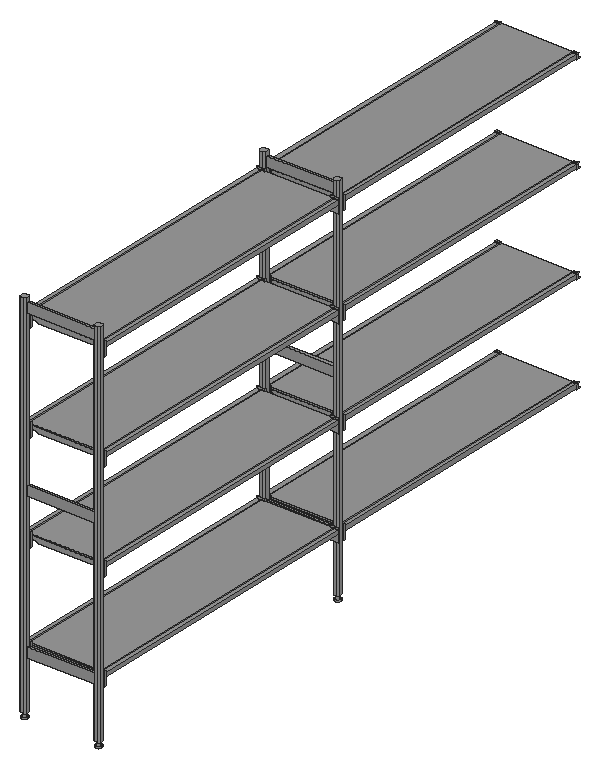
Revit family "QF_ZANUSSI_137068_ACS2728", category Attrezzature speciali, Revit 2020
Family settings
  Quota connettore circolare = Usa diametro
  Tipo di parte = Normale
  Basato su piano di lavoro = No
  Sempre verticale = Sì
  Taglio con vuoti quando caricato = No
  Condiviso = No
  Punto di calcolo locali = No
Parameters (values of type "Standard")
  Weight = 40.00 kg
  Watts = 0 W
  Volts = 0 V
  URL Manufacturer = "http://www.zanussiprofessional.com"
  URL = "http://www.zanussiprofessional.com"
  Steam Supply Size = 0 mm
  Steam Supply Minimum Pressure = 0.0 Pa
  Steam Supply Maximum Pressure = 0.0 Pa
  Steam Consumption per Hour = 0
  Refrigeration Suction Line Size = 0.0 mm
  Refrigeration Liquid Line Size = 0.0 mm
  Refrigerant Compressor Remote = yes
  Prospetto di default = 0.0 mm
  Phase = 0
  Modello = "ACS2728"
  Produttore = "Zanussi"
  Length Actual = 2732.0 mm  # constant formula
  Item Number = "137068"
  Hot Water Size = 0 mm
  Height Actual = 1700.0 mm  # constant formula
  HP = "0 HP"
  Gas Size = 0 mm
  Gas KW = 0
  Gas Input Pressure = 0 W
  Direct Waste Size = 0 mm
  Descrizione = "ALUM.CORNER SHELV.-POLY.TIERS-373X2732MM"
  Depth Actual = 373.0 mm  # constant formula
  Cycle = 0 Hz
  Condensate Return Size = 0 mm
  Compressed Air Volume = 0.0 L/s
  Compressed Air Size = 0 mm
  Compressed Air Pressure = 0.0 Pa
  Cold Water Size = 0 mm
  Accessory = yes
Reference planes
  plane 1: z = 0
  plane 2 "CenterLeft": y = -535.5
  plane 3 "FRONT": y = -921.5
  plane 4 "LEFT": x = 192.5
  plane 5 "RIGHT": x = 565.5
  plane 6 "TOP": z = 1700
  plane 7: y = -889.5
  plane 8: y = 440.5
  plane 9 "Center (Left/Back)": x = 379
  plane 10: x = 205
  plane 11: x = 515
  plane 12 "FEET": z = 25
  plane 13: z = 275
  plane 14: z = 725
  plane 15: z = 1175
  plane 16: z = 1625
  plane 17 "CXLeft": y = -907.5
  plane 18 "Center (Front/Back)": y = 458.5
  plane 19 "CYFront": x = 510
  plane 20: y = 1806.5
  plane 21: y = 476.5
  plane 22 "BACK": y = 1810.5
  plane 23 "LEFT_ORIGIN": x = 158.5
  plane 24 "BACK_ORIGIN": y = 2183.5
Forms (mm)
  Extrusion 1, solid, material "QF_Aluminum"
    sketch origin (38.022, -921.5, -4.006) x (-1, 0, 0) y (0, 0, 1)
      loop
        line (-189.5, 1637.003) -> (-173.5, 1637.003) -> (-173.5, 1655) -> (-175.493, 1655) -> (-175.493, 1648.501) -> (-506.5, 1648.501) -> (-506.5, 1655) -> (-508.5, 1655) -> (-508.5, 1637.003) -> (-492.5, 1637.003) -> (-458.5, 1625) -> (-223.5, 1625) -> (-189.5, 1637.003)
      loop
        line (-189.5, 1187.003) -> (-173.5, 1187.003) -> (-173.5, 1205) -> (-175.493, 1205) -> (-175.493, 1198.501) -> (-506.5, 1198.501) -> (-506.5, 1205) -> (-508.5, 1205) -> (-508.5, 1187.003) -> (-492.5, 1187.003) -> (-458.5, 1175) -> (-223.5, 1175) -> (-189.5, 1187.003)
      loop
        line (-189.5, 737.003) -> (-173.5, 737.003) -> (-173.5, 755) -> (-175.493, 755) -> (-175.493, 748.501) -> (-506.5, 748.501) -> (-506.5, 755) -> (-508.5, 755) -> (-508.5, 737.003) -> (-492.5, 737.003) -> (-458.5, 725) -> (-223.5, 725) -> (-189.5, 737.003)
      loop
        line (-189.5, 287.003) -> (-173.5, 287.003) -> (-173.5, 305) -> (-175.493, 305) -> (-175.493, 298.501) -> (-506.5, 298.501) -> (-506.5, 305) -> (-508.5, 305) -> (-508.5, 287.003) -> (-492.5, 287.003) -> (-458.5, 275) -> (-223.5, 275) -> (-189.5, 287.003)
    from 37 to 32
  Extrusion 2, solid, material "QF_Aluminum"
    sketch origin (38.022, -921.5, 0) x (-1, 0, 0) y (0, 0, 1)
      loop
        line (-154.478, 246.005) -> (-154.478, 307.993) -> (-190.471, 307.993) -> (-190.471, 246.005) -> (-154.478, 246.005)
      loop
        line (-527.478, 246.005) -> (-491.484, 246.005) -> (-491.484, 307.993) -> (-527.478, 307.993) -> (-527.478, 246.005)
      loop
        line (-154.478, 696.005) -> (-154.478, 757.993) -> (-190.471, 757.993) -> (-190.471, 696.005) -> (-154.478, 696.005)
      loop
        line (-527.478, 696.005) -> (-491.484, 696.005) -> (-491.484, 757.993) -> (-527.478, 757.993) -> (-527.478, 696.005)
      loop
        line (-154.478, 1146.005) -> (-154.478, 1207.993) -> (-190.471, 1207.993) -> (-190.471, 1146.005) -> (-154.478, 1146.005)
      loop
        line (-527.478, 1146.005) -> (-491.484, 1146.005) -> (-491.484, 1207.993) -> (-527.478, 1207.993) -> (-527.478, 1146.005)
      loop
        line (-154.478, 1596.005) -> (-154.478, 1657.993) -> (-190.471, 1657.993) -> (-190.471, 1596.005) -> (-154.478, 1596.005)
      loop
        line (-527.478, 1596.005) -> (-491.484, 1596.005) -> (-491.484, 1657.993) -> (-527.478, 1657.993) -> (-527.478, 1596.005)
    from 28 to 32
  Extrusion 3, solid, material "QF_Aluminum"
    sketch origin (38.022, -921.5, 0) x (-1, 0, 0) y (0, 0, 1)
      loop
        line (-154.5, 1650.994) -> (-173.5, 1650.994) -> (-173.5, 1632.998) -> (-154.5, 1632.998) -> (-154.5, 1650.994)
      loop
        line (-154.5, 1200.994) -> (-173.5, 1200.994) -> (-173.5, 1182.998) -> (-154.5, 1182.998) -> (-154.5, 1200.994)
      loop
        line (-154.5, 750.994) -> (-173.5, 750.994) -> (-173.5, 732.998) -> (-154.5, 732.998) -> (-154.5, 750.994)
      loop
        line (-154.5, 300.994) -> (-173.5, 300.994) -> (-173.5, 282.998) -> (-154.5, 282.998) -> (-154.5, 300.994)
      loop
        line (-527.455, 1650.994) -> (-527.455, 1632.998) -> (-508.455, 1632.998) -> (-508.455, 1650.994) -> (-527.455, 1650.994)
      loop
        line (-527.455, 1200.994) -> (-527.455, 1182.998) -> (-508.455, 1182.998) -> (-508.455, 1200.994) -> (-527.455, 1200.994)
      loop
        line (-527.455, 750.994) -> (-527.455, 732.998) -> (-508.455, 732.998) -> (-508.455, 750.994) -> (-527.455, 750.994)
      loop
        line (-527.455, 300.994) -> (-527.455, 282.998) -> (-508.455, 282.998) -> (-508.455, 300.994) -> (-527.455, 300.994)
    from 32 to 1362
  Extrusion 4, solid, material "QF_Polyethylene"
    sketch origin (38.022, -921.5, 0) x (-1, 0, 0) y (0, 0, 1)
      loop
        line (-175.493, 1650.994) -> (-506.5, 1650.994) -> (-506.5, 1644.496) -> (-175.493, 1644.496) -> (-175.493, 1650.994)
      loop
        line (-175.493, 1200.994) -> (-506.5, 1200.994) -> (-506.5, 1194.496) -> (-175.493, 1194.496) -> (-175.493, 1200.994)
      loop
        line (-175.493, 750.994) -> (-506.5, 750.994) -> (-506.5, 744.496) -> (-175.493, 744.496) -> (-175.493, 750.994)
      loop
        line (-175.493, 300.994) -> (-506.5, 300.994) -> (-506.5, 294.496) -> (-175.493, 294.496) -> (-175.493, 300.994)
    from 32 to 1362
  Extrusion 5, solid, material "QF_Aluminum"
    sketch origin (38.022, 684.5, 0) x (-1, 0, 0) y (0, 0, 1)
      loop
        line (-154.5, 1650.994) -> (-173.5, 1650.994) -> (-173.5, 1632.998) -> (-154.5, 1632.998) -> (-154.5, 1650.994)
      loop
        line (-508.5, 1650.994) -> (-527.455, 1650.994) -> (-527.455, 1632.998) -> (-508.5, 1632.998) -> (-508.5, 1650.994)
      loop
        line (-154.5, 1200.994) -> (-173.5, 1200.994) -> (-173.5, 1182.998) -> (-154.5, 1182.998) -> (-154.5, 1200.994)
      loop
        line (-508.5, 1200.994) -> (-527.455, 1200.994) -> (-527.455, 1182.998) -> (-508.5, 1182.998) -> (-508.5, 1200.994)
      loop
        line (-154.5, 750.994) -> (-173.5, 750.994) -> (-173.5, 732.998) -> (-154.5, 732.998) -> (-154.5, 750.994)
      loop
        line (-508.5, 750.994) -> (-527.455, 750.994) -> (-527.455, 732.998) -> (-508.5, 732.998) -> (-508.5, 750.994)
      loop
        line (-154.5, 300.994) -> (-173.5, 300.994) -> (-173.5, 282.998) -> (-154.5, 282.998) -> (-154.5, 300.994)
      loop
        line (-508.5, 300.994) -> (-527.455, 300.994) -> (-527.455, 282.998) -> (-508.5, 282.998) -> (-508.5, 300.994)
    from 1122 to -208
  Extrusion 6, solid, material "QF_Polyethylene"
    sketch origin (38.022, 684.5, 0) x (-1, 0, 0) y (0, 0, 1)
      loop
        line (-175.493, 1650.994) -> (-506.5, 1650.994) -> (-506.5, 1644.496) -> (-175.493, 1644.496) -> (-175.493, 1650.994)
      loop
        line (-175.493, 1200.994) -> (-506.5, 1200.994) -> (-506.5, 1194.496) -> (-175.493, 1194.496) -> (-175.493, 1200.994)
      loop
        line (-175.493, 750.994) -> (-506.5, 750.994) -> (-506.5, 744.496) -> (-175.493, 744.496) -> (-175.493, 750.994)
      loop
        line (-175.493, 300.994) -> (-506.5, 300.994) -> (-506.5, 294.496) -> (-175.493, 294.496) -> (-175.493, 300.994)
    from 1122 to -208
Lines and regions (mm)
  symbolic lines
    curve 1: line (205, -912.5, 1700) -> (515, -912.5, 1700)
    curve 2: line (515, -902.5, 1700) -> (205, -902.5, 1700)
    curve 3: line (192.5, -893.5, 1700) -> (192.5, 444.5, 1700)
    curve 4: line (565.5, -889.5, 1700) -> (565.5, 440.5, 1700)
    curve 5: line (192.5, 472.5, 1700) -> (192.5, 1810.5, 1700)
    curve 6: line (565.5, 472.5, 1700) -> (565.5, 1810.5, 1700)
    curve 7: line (211.522, 1806.5, 1700) -> (510.507, 1806.5, 1700)
    curve 8: line (211.522, 440.5, 1700) -> (510.507, 440.5, 1700)
    curve 9: line (510.507, 476.5, 1700) -> (211.522, 476.5, 1700)
    curve 10: line (211.522, -889.5, 1700) -> (510.507, -889.5, 1700)
    curve 11: line (211.522, -889.5, 1700) -> (211.522, 440.5, 1700)
    curve 12: line (546.478, 440.5, 1700) -> (546.478, -889.5, 1700)
    curve 13: line (211.522, 476.5, 1700) -> (211.522, 1806.5, 1700)
    curve 14: line (546.522, 652.5, 1700) -> (546.522, -145.5, 1700)
Dimensions and locks
  plane 3 "FRONT" to plane 2 "CenterLeft" = 386.0 mm
  locked: plane 6 "TOP" to level at 1700
  locked: plane 7 to plane 8 at 1330
  locked: plane 10 to plane 11 at 310
  plane 10 to plane 9 "Center (Left/Back)" to plane 11 = 174.0 mm, 136.0 mm
  equal spacing: plane 4 "LEFT", plane 9 "Center (Left/Back)", plane 5 "RIGHT"
  plane 12 "FEET" to level = 25.0 mm
  plane 6 "TOP" to plane 12 "FEET" = 1675.0 mm
  plane 13 to plane 12 "FEET" = 250.0 mm
  plane 14 to plane 13 = 450.0 mm
  plane 15 to plane 14 = 450.0 mm
  plane 16 to plane 15 = 450.0 mm
  plane 19 "CYFront" to Extrusion 1 sketch curve = 34.522 mm
  locked: plane 21 to plane 20 at 1330
  locked: plane 8 to plane 18 "Center (Front/Back)" at 18
  locked: plane 18 "Center (Front/Back)" to plane 21 at 18
  locked: plane 3 "FRONT" to plane 7 at 32
  locked: plane 4 "LEFT" to plane 5 "RIGHT" at 373
  locked: plane 23 "LEFT_ORIGIN" to plane 5 "RIGHT" at 407
  locked: plane 22 "BACK" to plane 24 "BACK_ORIGIN" at 373
  locked: plane 22 "BACK" to plane 3 "FRONT" at 2732
  aligned and locked: level to plane 1
  aligned and locked: Extrusion 1 to plane 7
  aligned and locked: plane 7 to Extrusion 2
  aligned and locked: Extrusion 4 to plane 7
  aligned and locked: plane 8 to Extrusion 4
  aligned and locked: Extrusion 3 to plane 7
  aligned and locked: plane 8 to Extrusion 3
  aligned and locked: Extrusion 1 sketch curve to Extrusion 1 sketch curve  (x3)
  aligned and locked: Extrusion 4 sketch curve to Extrusion 1  (x4)
  aligned and locked: Extrusion 5 sketch curve to Extrusion 5 sketch curve  (x2)
  aligned and locked: Extrusion 5 to plane 21  (x5)
  aligned and locked: Extrusion 6 to plane 21  (x5)
  aligned and locked: nested 2 to plane 18 "Center (Front/Back)"
  aligned and locked: nested 1 to plane 17 "CXLeft"
  aligned and locked: plane 7 to Extrusion 3  (x3)
  aligned and locked: Extrusion 3 to plane 8  (x4)
  aligned and locked: Extrusion 4 to plane 8  (x4)
  aligned and locked: plane 20 to Extrusion 5
  aligned and locked: plane 20 to Extrusion 6
  aligned and locked: Extrusion 5 to plane 20  (x3)
  aligned and locked: Extrusion 6 to plane 20  (x3)
  aligned and locked: plane 9 "Center (Left/Back)" to nested 2
  aligned and locked: nested 3 to plane 22 "BACK"
Automatic sketch dimensions
  curve 1 to plane 10 = 0.0 mm
  curve 1 to plane 11 = 0.0 mm
  curve 2 to plane 10 = 0.0 mm
  curve 2 to plane 11 = 0.0 mm
  curve 3 to plane 4 "LEFT" = 0.0 mm
  plane 7 to curve 10 = 0.0 mm
  curve 4 to plane 5 "RIGHT" = 0.0 mm
  plane 7 to curve 4 = 0.0 mm
  plane 8 to curve 8 = 0.0 mm
  plane 8 to curve 4 = 0.0 mm
  curve 6 to plane 5 "RIGHT" = 0.0 mm
  curve 5 to plane 4 "LEFT" = 0.0 mm
  curve 9 to plane 21 = 0.0 mm
  plane 20 to curve 7 = 0.0 mm
  plane 7 to curve 3 = 4.0 mm
  plane 17 "CXLeft" to curve 2 = 5.0 mm
  curve 1 to plane 17 "CXLeft" = 5.0 mm
  curve 3 to plane 8 = 4.0 mm
  curve 6 to plane 21 = 4.0 mm
  curve 5 to plane 21 = 4.0 mm
  curve 6 to plane 20 = 4.0 mm
  curve 5 to plane 20 = 4.0 mm
  plane 11 to curve 10 = 4.493 mm
  plane 11 to curve 9 = 4.493 mm
  plane 11 to curve 8 = 4.493 mm
  plane 11 to curve 7 = 4.493 mm
  curve 8 to plane 10 = 6.522 mm
  curve 7 to plane 10 = 6.522 mm
  Extrusion 1 sketch curve to plane 19 "CYFront" = 36.522 mm  (x4)
  Extrusion 1 sketch curve to plane 11 = 15.522 mm  (x4)
  Extrusion 1 sketch curve to plane 13 = 4.006 mm
  Extrusion 1 sketch curve to Extrusion 1 sketch curve = 34.0 mm  (x4)
  Extrusion 1 sketch curve to plane 14 = 4.006 mm
  Extrusion 1 sketch curve to plane 15 = 4.006 mm
  Extrusion 1 sketch curve to plane 16 = 4.006 mm
  Extrusion 1 sketch curve to plane 10 = 56.522 mm  (x4)
  Extrusion 1 sketch curve to plane 10 = 22.522 mm  (x4)
  plane 13 to Extrusion 1 sketch curve = 7.998 mm  (x2)
  Extrusion 1 sketch curve to Extrusion 1 sketch curve = 11.498 mm  (x4)
  Extrusion 1 sketch curve to Extrusion 1 sketch curve = 6.499 mm  (x8)
  plane 14 to Extrusion 1 sketch curve = 7.998 mm  (x2)
  plane 15 to Extrusion 1 sketch curve = 7.998 mm  (x2)
  plane 16 to Extrusion 1 sketch curve = 7.998 mm  (x2)
  Extrusion 2 sketch curve to plane 5 "RIGHT" = 0.0 mm  (x4)
  Extrusion 2 sketch curve to plane 4 "LEFT" = 0.0 mm  (x4)
  Extrusion 2 sketch curve to plane 11 = 14.507 mm  (x4)
  Extrusion 2 sketch curve to plane 10 = 23.493 mm  (x4)
  Extrusion 2 sketch curve to plane 13 = 28.995 mm  (x2)
  plane 13 to Extrusion 2 sketch curve = 32.993 mm  (x2)
  Extrusion 2 sketch curve to plane 14 = 28.995 mm  (x2)
  plane 14 to Extrusion 2 sketch curve = 32.993 mm  (x2)
  Extrusion 2 sketch curve to plane 15 = 28.995 mm  (x2)
  plane 15 to Extrusion 2 sketch curve = 32.993 mm  (x2)
  Extrusion 2 sketch curve to plane 16 = 28.995 mm  (x2)
  plane 16 to Extrusion 2 sketch curve = 32.993 mm  (x2)
  plane 13 to Extrusion 4 sketch curve = 19.496 mm
  Extrusion 4 sketch curve to Extrusion 4 sketch curve = 6.499 mm  (x4)
  plane 14 to Extrusion 4 sketch curve = 19.496 mm
  plane 15 to Extrusion 4 sketch curve = 19.496 mm
  plane 16 to Extrusion 4 sketch curve = 19.496 mm
  plane 5 "RIGHT" to Extrusion 5 sketch curve = 0.022 mm  (x4)
  Extrusion 5 sketch curve to plane 4 "LEFT" = 19.022 mm  (x4)
  Extrusion 5 sketch curve to plane 19 "CYFront" = 36.522 mm  (x2)
  plane 13 to Extrusion 5 sketch curve = 7.998 mm  (x2)
  Extrusion 5 sketch curve to Extrusion 5 sketch curve = 17.997 mm  (x8)
  plane 14 to Extrusion 5 sketch curve = 7.998 mm  (x2)
  plane 15 to Extrusion 5 sketch curve = 7.998 mm  (x2)
  plane 16 to Extrusion 5 sketch curve = 7.998 mm  (x2)
  Extrusion 6 sketch curve to plane 19 "CYFront" = 34.522 mm  (x4)
  plane 13 to Extrusion 6 sketch curve = 19.496 mm
  Extrusion 6 sketch curve to Extrusion 6 sketch curve = 6.499 mm  (x4)
  plane 14 to Extrusion 6 sketch curve = 19.496 mm
  plane 15 to Extrusion 6 sketch curve = 19.496 mm
  plane 16 to Extrusion 6 sketch curve = 19.496 mm
  plane 5 "RIGHT" to Extrusion 3 sketch curve = 0.022 mm  (x4)
  Extrusion 3 sketch curve to Extrusion 3 sketch curve = 19.0 mm  (x4)
  plane 14 to Extrusion 3 sketch curve = 7.998 mm  (x2)
  Extrusion 3 sketch curve to plane 10 = 6.522 mm  (x4)
  Extrusion 3 sketch curve to plane 4 "LEFT" = 0.022 mm  (x4)
  plane 13 to Extrusion 3 sketch curve = 25.994 mm  (x2)
  plane 13 to Extrusion 3 sketch curve = 7.998 mm  (x2)
  Extrusion 3 sketch curve to Extrusion 3 sketch curve = 17.997 mm  (x6)
  plane 15 to Extrusion 3 sketch curve = 7.998 mm  (x2)
  plane 16 to Extrusion 3 sketch curve = 7.998 mm  (x2)
  plane 7 to curve 12 = 0.0 mm
  plane 8 to curve 12 = 0.0 mm
  curve 4 to curve 12 = 19.022 mm
  Extrusion 1 sketch curve to plane 10 = 8.516 mm  (x4)
  Extrusion 1 sketch curve to plane 10 = 6.522 mm  (x2)
  Extrusion 1 sketch curve to Extrusion 1 sketch curve = 1.993 mm  (x2)
  Extrusion 4 sketch curve to plane 10 = 8.516 mm  (x4)
  Extrusion 5 sketch curve to plane 4 "LEFT" = 0.022 mm  (x4)
  Extrusion 6 sketch curve to plane 10 = 8.516 mm  (x4)
Nested families
  nested 1: "WT_Anta373" at (215.5, -504.5, 0) x (0, 1, 0) z (0, 0, 1), type "WT_Anta373"
  nested 2: "WT_Anta373Center" at (215.5, 861.5, 0) x (0, 1, 0) z (0, 0, 1), type "WT_Anta373Center"
  nested 3: "WT_Aggancio373" at (215.5, 2218.5, 0) x (0, 1, 0) z (0, 0, 1), type "WT_Aggancio373"
Definition of nested family "WT_Anta373"
  Parameters
    WidthLeft = A + 64.0 mm  # 772.0 mm
    Width = 1606.0 mm
    Right = WidthLeft / 2  # 386.0 mm
    Default Elevation = 0.0 mm
    Left = -WidthLeft / 2  # -386.0 mm
    Height = 1725.0 mm
    FEET = 25.0 mm
    E = 0.0 mm
    Dint = Depth - 63.0 mm  # 310.0 mm
    Dext = Depth - 8.0 mm  # 365.0 mm
    Depth = 373.0 mm
    DX = (WidthLeft - A) / 2  # 32.0 mm
    B = 798.0 mm
    A = 708.0 mm
  Reference planes
    plane 1: z = 0
    plane 2 "LEFT": x = -417
    plane 3 "BACK": y = 23
    plane 4 "FRONT": y = -350
    plane 5 "TOP": z = 1725
    plane 6 "Center (Front/Back)": y = -163.5
    plane 7: y = -8.5
    plane 8: y = -318.5
    plane 9 "FEET": z = 25
    plane 10: z = 275
    plane 11: z = 725
    plane 12: z = 1175
    plane 13: z = 1625
    plane 14 "CXLeft": x = -403
    plane 15: y = 5.5
    plane 16 "CYBack": y = 5.5
    plane 17 "CYFront": y = -332.5
    plane 18: x = -385.031
    plane 19: x = -380.031
  Forms (mm)
    Extrusion 1, solid
      sketch origin (0, 0, 0) x (1, 0, 0) y (0, 1, 0)
        loop
          line (-417, 13.246) -> (-417, -2.246) -> (-410.746, -8.5) -> (-395.254, -8.5) -> (-389, -2.246) -> (-389, 13.246) -> (-395.254, 19.5) -> (-410.746, 19.5) -> (-417, 13.246)
      from 1725 to 25
    Extrusion 2, solid
      sketch origin (-417, 0, 0) x (0, 1, 0) y (0, 0, 1)
        loop
          line (23, 246.005) -> (23, 307.993) -> (-12.993, 307.993) -> (-12.993, 246.005) -> (23, 246.005)
        loop
          line (-350, 246.005) -> (-314.007, 246.005) -> (-314.007, 307.993) -> (-350, 307.993) -> (-350, 246.005)
        loop
          line (23, 696.005) -> (23, 757.993) -> (-12.993, 757.993) -> (-12.993, 696.005) -> (23, 696.005)
        loop
          line (-350, 696.005) -> (-314.007, 696.005) -> (-314.007, 757.993) -> (-350, 757.993) -> (-350, 696.005)
        loop
          line (23, 1146.005) -> (23, 1207.993) -> (-12.993, 1207.993) -> (-12.993, 1146.005) -> (23, 1146.005)
        loop
          line (-350, 1146.005) -> (-314.007, 1146.005) -> (-314.007, 1207.993) -> (-350, 1207.993) -> (-350, 1146.005)
        loop
          line (23, 1596.005) -> (23, 1657.993) -> (-12.993, 1657.993) -> (-12.993, 1596.005) -> (23, 1596.005)
        loop
          line (-350, 1596.005) -> (-314.007, 1596.005) -> (-314.007, 1657.993) -> (-350, 1657.993) -> (-350, 1596.005)
      from 28 to 32
    Revolve 3, solid
      sketch origin (-403, 0, 0) x (0, 1, 0) y (0, 0, 1)
        loop
          line (5.5, 25) -> (5.5, 0) -> (19, 0) -> (19, 5) -> (14, 5) -> (14, 25) -> (5.5, 25)
        axis (5.5, 25) -> (5.5, 0)
      angle from 0 to 360
    Extrusion 4, solid
      sketch origin (-403, 0, 0) x (0, 1, 0) y (0, 0, 1)
        loop
          line (-8.5, 912.382) -> (-8.5, 957.374) -> (-318.5, 957.374) -> (-318.5, 912.382) -> (-8.5, 912.382)
        loop
          line (-8.5, 1662.244) -> (-8.5, 1707.236) -> (-318.5, 1707.236) -> (-318.5, 1662.244) -> (-8.5, 1662.244)
      from -5 to 5
    Revolve 5, solid
      sketch origin (-403, -627, 0) x (0, -1, 0) y (0, 0, 1)
        loop
          line (-294.5, 25) -> (-294.5, 0) -> (-281, 0) -> (-281, 5) -> (-286, 5) -> (-286, 25) -> (-294.5, 25)
        axis (-294.5, 25) -> (-294.5, 0)
      angle from 0 to 360
    Extrusion 6, solid
      sketch origin (0, -627, 0) x (1, 0, 0) y (0, 1, 0)
        loop
          line (-417, 286.754) -> (-410.746, 280.5) -> (-395.254, 280.5) -> (-389, 286.754) -> (-389, 302.246) -> (-395.254, 308.5) -> (-410.746, 308.5) -> (-417, 302.246) -> (-417, 286.754)
      from 1725 to 25
    Extrusion 7, solid
      sketch origin (-417.031, -0.022, 0) x (0, 1, 0) y (0, 0, -1)
        loop
          line (-12, -1632.998) -> (-46, -1620.994) -> (-281, -1620.994) -> (-315, -1632.998) -> (-331, -1632.998) -> (-331, -1650.994) -> (-329, -1650.994) -> (-329, -1644.496) -> (2.007, -1644.496) -> (2.007, -1650.994) -> (4, -1650.994) -> (4, -1632.998) -> (-12, -1632.998)
        loop
          line (-12, -1182.998) -> (-46, -1170.994) -> (-281, -1170.994) -> (-315, -1182.998) -> (-331, -1182.998) -> (-331, -1200.994) -> (-329, -1200.994) -> (-329, -1194.496) -> (2.007, -1194.496) -> (2.007, -1200.994) -> (4, -1200.994) -> (4, -1182.998) -> (-12, -1182.998)
        loop
          line (-12, -732.998) -> (-46, -720.994) -> (-281, -720.994) -> (-315, -732.998) -> (-331, -732.998) -> (-331, -750.994) -> (-329, -750.994) -> (-329, -744.496) -> (2.007, -744.496) -> (2.007, -750.994) -> (4, -750.994) -> (4, -732.998) -> (-12, -732.998)
        loop
          line (-12, -282.998) -> (-46, -270.994) -> (-281, -270.994) -> (-315, -282.998) -> (-331, -282.998) -> (-331, -300.994) -> (-329, -300.994) -> (-329, -294.496) -> (2.007, -294.496) -> (2.007, -300.994) -> (4, -300.994) -> (4, -282.998) -> (-12, -282.998)
      from -32 to -37
    Extrusion 8, solid
      sketch origin (-403, 0, -659.878) x (0, 1, 0) y (0, 0, 1)
        loop
          line (-8.5, 912.382) -> (-8.5, 957.374) -> (-318.5, 957.374) -> (-318.5, 912.382) -> (-8.5, 912.382)
        loop
          line (-8.5, 1572.382) -> (-8.5, 1617.374) -> (-318.5, 1617.374) -> (-318.5, 1572.382) -> (-8.5, 1572.382)
        loop
          line (-8.5, 2322.382) -> (-8.5, 2367.374) -> (-318.5, 2367.374) -> (-318.5, 2322.382) -> (-8.5, 2322.382)
      from -5 to 5
  Lines and regions (mm)
    symbolic lines
      curve 1: line (-408, -8.5, 1725) -> (-408, -318.5, 1725)
      curve 2: line (-398, -318.5, 1725) -> (-398, -8.5, 1725)
      curve 3: line (-395.254, -8.5, 1725) -> (-410.746, -8.5, 1725)
      curve 4: line (-417, -2.246, 1725) -> (-410.746, -8.5, 1725)
      curve 5: line (-417, 13.246, 1725) -> (-417, -2.246, 1725)
      curve 6: line (-410.746, 19.5, 1725) -> (-417, 13.246, 1725)
      curve 7: line (-395.254, 19.5, 1725) -> (-410.746, 19.5, 1725)
      curve 8: line (-389, 13.246, 1725) -> (-395.254, 19.5, 1725)
      curve 9: line (-395.254, -8.5, 1725) -> (-389, -2.246, 1725)
      curve 10: line (-395.254, -318.5, 1725) -> (-410.746, -318.5, 1725)
      curve 11: line (-417, -324.754, 1725) -> (-410.746, -318.5, 1725)
      curve 12: line (-410.746, -346.5, 1725) -> (-417, -340.246, 1725)
      curve 13: line (-395.254, -346.5, 1725) -> (-410.746, -346.5, 1725)
      curve 14: line (-389, -340.246, 1725) -> (-395.254, -346.5, 1725)
      curve 15: line (-395.254, -318.5, 1725) -> (-389, -324.754, 1725)
      curve 16: line (-389, -350, 1725) -> (-389, -314.007, 1725)
      curve 17: line (-389, -314.007, 1725) -> (-385, -314.007, 1725)
      curve 18: line (-389, 23, 1725) -> (-389, -12.993, 1725)
      curve 19: line (-389, -12.993, 1725) -> (-385, -12.993, 1725)
      curve 20: line (-417, -324.754, 1725) -> (-417, -340.246, 1725)
      curve 21: line (-385, -350, 1725) -> (-385, -314.007, 1725)
      curve 22: line (-385, -350, 1725) -> (-389, -350, 1725)
      curve 23: line (-385, 23, 1725) -> (-389, 23, 1725)
      curve 24: line (-385, -12.993, 1725) -> (-385, 23, 1725)
      curve 25: line (-385.031, -13.016, 1725) -> (-385.031, -314.029, 1725)
  Dimensions and locks
    "Height": plane 5 "TOP" to level
    "Depth": plane 3 "BACK" to plane 4 "FRONT"
    "Dint": plane 7 to plane 8
    equal spacing: plane 7, plane 6 "Center (Front/Back)", plane 8
    equal spacing: plane 3 "BACK", plane 6 "Center (Front/Back)", plane 4 "FRONT"
    plane 9 "FEET" to level = 25.0 mm
    plane 5 "TOP" to plane 9 "FEET" = 1700.0 mm
    plane 10 to plane 9 "FEET" = 250.0 mm
    plane 11 to plane 10 = 450.0 mm
    plane 12 to plane 11 = 450.0 mm
    plane 13 to plane 12 = 450.0 mm
    locked: plane 2 "LEFT" to plane 14 "CXLeft" at 14
    locked: plane 3 "BACK" to plane 16 "CYBack" at 17.5
    locked: plane 17 "CYFront" to plane 4 "FRONT" at 17.5
    locked: Revolve 3 sketch curve to Revolve 3 sketch curve at 8.5
    locked: Revolve 3 sketch curve to plane 16 "CYBack" at 13.5
    locked: Revolve 5 sketch curve to Revolve 5 sketch curve at 8.5
    aligned and locked: level to plane 1
    aligned and locked: curve 20 to Extrusion 6
    aligned and locked: plane 5 "TOP" to Extrusion 1
    aligned and locked: plane 5 "TOP" to Extrusion 6
    aligned and locked: Extrusion 7 sketch curve to Extrusion 7 sketch curve  (x3)
  Automatic sketch dimensions
    curve 16 to plane 4 "FRONT" = 0.0 mm
    curve 11 to plane 8 = 0.0 mm
    curve 9 to plane 7 = 0.0 mm
    curve 5 to plane 2 "LEFT" = 0.0 mm
    curve 23 to plane 3 "BACK" = 0.0 mm
    plane 4 "FRONT" to curve 13 = 3.5 mm
    curve 20 to plane 17 "CYFront" = 7.746 mm
    curve 20 to plane 8 = 6.254 mm
    plane 8 to curve 16 = 4.493 mm
    curve 24 to plane 18 = 0.031 mm
    curve 24 to plane 7 = 4.493 mm
    plane 7 to curve 5 = 6.254 mm
    curve 5 to plane 15 = 7.746 mm
    curve 6 to plane 3 "BACK" = 3.5 mm
    curve 21 to plane 18 = 0.031 mm
    plane 18 to curve 23 = 3.969 mm
    plane 18 to curve 16 = 3.969 mm
    curve 18 to curve 8 = 6.254 mm
    curve 18 to curve 3 = 6.254 mm
    curve 16 to curve 13 = 6.254 mm
    curve 16 to curve 15 = 6.254 mm
    plane 2 "LEFT" to curve 10 = 6.254 mm
    plane 2 "LEFT" to curve 7 = 6.254 mm
    plane 2 "LEFT" to curve 12 = 6.254 mm
    plane 2 "LEFT" to curve 3 = 6.254 mm
    curve 14 to plane 17 "CYFront" = 7.746 mm
    curve 15 to plane 8 = 6.254 mm
    plane 7 to curve 9 = 6.254 mm
    curve 8 to plane 15 = 7.746 mm
    curve 3 to curve 2 = 2.746 mm
    curve 1 to curve 10 = 2.746 mm
    Extrusion 1 sketch curve to plane 2 "LEFT" = 0.0 mm
    Extrusion 1 sketch curve to plane 7 = 0.0 mm
    plane 2 "LEFT" to Extrusion 1 sketch curve = 6.254 mm  (x2)
    plane 14 "CXLeft" to Extrusion 1 sketch curve = 7.746 mm  (x2)
    Extrusion 1 sketch curve to plane 3 "BACK" = 3.5 mm
    plane 18 to Extrusion 1 sketch curve = 3.969 mm
    plane 7 to Extrusion 1 sketch curve = 6.254 mm  (x2)
    Extrusion 1 sketch curve to plane 15 = 7.746 mm  (x2)
    Extrusion 2 sketch curve to plane 4 "FRONT" = 0.0 mm  (x4)
    Extrusion 2 sketch curve to plane 3 "BACK" = 0.0 mm  (x4)
    plane 8 to Extrusion 2 sketch curve = 4.493 mm  (x4)
    Extrusion 2 sketch curve to plane 7 = 4.493 mm  (x4)
    Extrusion 2 sketch curve to plane 10 = 28.995 mm  (x2)
    plane 10 to Extrusion 2 sketch curve = 32.993 mm  (x2)
    Extrusion 2 sketch curve to plane 11 = 28.995 mm  (x2)
    plane 11 to Extrusion 2 sketch curve = 32.993 mm  (x2)
    Extrusion 2 sketch curve to plane 12 = 28.995 mm  (x2)
    plane 12 to Extrusion 2 sketch curve = 32.993 mm  (x2)
    Extrusion 2 sketch curve to plane 13 = 28.995 mm  (x2)
    plane 13 to Extrusion 2 sketch curve = 32.993 mm  (x2)
    Revolve 3 sketch curve to plane 9 "FEET" = 0.0 mm  (x2)
    Revolve 3 sketch curve to plane 15 = 0.0 mm  (x2)
    Revolve 3 sketch curve to level = 0.0 mm
    level to Revolve 3 sketch curve = 5.0 mm
    Revolve 3 sketch curve to Revolve 3 sketch curve = 11.655 mm
    Extrusion 4 sketch curve to plane 8 = 0.0 mm  (x2)
    Extrusion 4 sketch curve to plane 7 = 0.0 mm  (x2)
    plane 11 to Extrusion 4 sketch curve = 187.382 mm
    Extrusion 4 sketch curve to Extrusion 4 sketch curve = 44.992 mm
    plane 13 to Extrusion 4 sketch curve = 37.244 mm
    Extrusion 4 sketch curve to plane 5 "TOP" = 17.764 mm
    Revolve 5 sketch curve to plane 9 "FEET" = 0.0 mm  (x2)
    Revolve 5 sketch curve to plane 17 "CYFront" = 0.0 mm  (x2)
    Revolve 5 sketch curve to level = 0.0 mm
    Revolve 5 sketch curve to plane 4 "FRONT" = 4.0 mm
    Revolve 5 sketch curve to Revolve 5 sketch curve = 5.0 mm
    level to Revolve 5 sketch curve = 11.655 mm
    Extrusion 6 sketch curve to plane 2 "LEFT" = 0.0 mm
    Extrusion 6 sketch curve to plane 8 = 0.0 mm
    Extrusion 6 sketch curve to plane 2 "LEFT" = 6.254 mm  (x2)
    Extrusion 6 sketch curve to plane 14 "CXLeft" = 7.746 mm  (x2)
    Extrusion 6 sketch curve to plane 4 "FRONT" = 3.5 mm
    Extrusion 6 sketch curve to plane 18 = 3.969 mm
    plane 8 to Extrusion 6 sketch curve = 6.254 mm  (x2)
    plane 17 "CYFront" to Extrusion 6 sketch curve = 7.746 mm  (x2)
    plane 17 "CYFront" to Extrusion 7 sketch curve = 1.478 mm  (x4)
    Extrusion 7 sketch curve to Extrusion 7 sketch curve = 2.0 mm
    plane 8 to Extrusion 7 sketch curve = 3.478 mm  (x4)
    Extrusion 7 sketch curve to plane 10 = 4.006 mm
    Extrusion 7 sketch curve to Extrusion 7 sketch curve = 34.0 mm  (x4)
    Extrusion 7 sketch curve to plane 11 = 4.006 mm
    Extrusion 7 sketch curve to plane 12 = 4.006 mm
    Extrusion 7 sketch curve to plane 13 = 4.006 mm
    Extrusion 7 sketch curve to plane 7 = 37.522 mm  (x4)
    Extrusion 7 sketch curve to plane 7 = 3.522 mm  (x4)
    plane 15 to Extrusion 7 sketch curve = 3.516 mm  (x4)
    plane 15 to Extrusion 7 sketch curve = 1.522 mm  (x4)
    plane 13 to Extrusion 7 sketch curve = 7.998 mm  (x2)
    Extrusion 7 sketch curve to Extrusion 7 sketch curve = 11.498 mm
    Extrusion 7 sketch curve to Extrusion 7 sketch curve = 6.499 mm  (x5)
    plane 12 to Extrusion 7 sketch curve = 25.994 mm  (x2)
    plane 12 to Extrusion 7 sketch curve = 7.998 mm  (x2)
    plane 11 to Extrusion 7 sketch curve = 25.994 mm  (x2)
    plane 11 to Extrusion 7 sketch curve = 7.998 mm  (x2)
    plane 10 to Extrusion 7 sketch curve = 25.994 mm  (x2)
    plane 10 to Extrusion 7 sketch curve = 7.998 mm  (x2)
    curve 25 to plane 18 = 0.0 mm
    plane 8 to curve 25 = 4.471 mm
    curve 25 to plane 7 = 4.516 mm
    Extrusion 8 sketch curve to plane 8 = 0.0 mm  (x3)
    Extrusion 8 sketch curve to plane 7 = 0.0 mm  (x3)
    Extrusion 8 sketch curve to plane 10 = 22.496 mm
    plane 10 to Extrusion 8 sketch curve = 22.496 mm
    plane 11 to Extrusion 8 sketch curve = 187.504 mm
    Extrusion 8 sketch curve to Extrusion 8 sketch curve = 44.992 mm
    plane 13 to Extrusion 8 sketch curve = 37.504 mm
    Extrusion 8 sketch curve to plane 5 "TOP" = 17.504 mm
Definition of nested family "WT_Anta373Center"
  Parameters
    WidthLeft = A + 64.0 mm  # 772.0 mm
    Width = 1606.0 mm
    Right = WidthLeft / 2  # 386.0 mm
    Default Elevation = 0.0 mm
    Left = -WidthLeft / 2  # -386.0 mm
    Height = 1725.0 mm
    FEET = 25.0 mm
    E = 0.0 mm
    Dint = Depth - 63.0 mm  # 310.0 mm
    Dext = Depth - 8.0 mm  # 365.0 mm
    Depth = 373.0 mm
    DX = (WidthLeft - A) / 2  # 32.0 mm
    B = 798.0 mm
    A = 708.0 mm
  Reference planes
    plane 1: z = 0
    plane 2 "L": x = -417
    plane 3 "BACK": y = 23
    plane 4 "FRONT": y = -350
    plane 5 "TOP": z = 1725
    plane 6 "Center (Front/Back)": y = -163.5
    plane 7: y = -8.5
    plane 8: y = -318.5
    plane 9 "FEET": z = 25
    plane 10: z = 275
    plane 11: z = 725
    plane 12: z = 1175
    plane 13: z = 1625
    plane 14 "CXLeft": x = -403
    plane 15: y = 5.5
    plane 16 "CYBack": y = 5.5
    plane 17 "CYFront": y = -332.5
    plane 18: x = -385.031
    plane 19 "RIGHT": x = -380.031
    plane 20: x = -420.969
    plane 21 "LEFT": x = -425.969
  Forms (mm)
    Extrusion 1, solid
      sketch origin (0, 0, 0) x (1, 0, 0) y (0, 1, 0)
        loop
          line (-417, 13.246) -> (-417, -2.246) -> (-410.746, -8.5) -> (-395.254, -8.5) -> (-389, -2.246) -> (-389, 13.246) -> (-395.254, 19.5) -> (-410.746, 19.5) -> (-417, 13.246)
      from 1725 to 25
    Extrusion 2, solid
      sketch origin (-417, 0, 0) x (0, 1, 0) y (0, 0, 1)
        loop
          line (23, 246.005) -> (23, 307.993) -> (-12.993, 307.993) -> (-12.993, 246.005) -> (23, 246.005)
        loop
          line (-350, 246.005) -> (-314.007, 246.005) -> (-314.007, 307.993) -> (-350, 307.993) -> (-350, 246.005)
        loop
          line (23, 696.005) -> (23, 757.993) -> (-12.993, 757.993) -> (-12.993, 696.005) -> (23, 696.005)
        loop
          line (-350, 696.005) -> (-314.007, 696.005) -> (-314.007, 757.993) -> (-350, 757.993) -> (-350, 696.005)
        loop
          line (23, 1146.005) -> (23, 1207.993) -> (-12.993, 1207.993) -> (-12.993, 1146.005) -> (23, 1146.005)
        loop
          line (-350, 1146.005) -> (-314.007, 1146.005) -> (-314.007, 1207.993) -> (-350, 1207.993) -> (-350, 1146.005)
        loop
          line (23, 1596.005) -> (23, 1657.993) -> (-12.993, 1657.993) -> (-12.993, 1596.005) -> (23, 1596.005)
        loop
          line (-350, 1596.005) -> (-314.007, 1596.005) -> (-314.007, 1657.993) -> (-350, 1657.993) -> (-350, 1596.005)
      from 28 to 32
    Revolve 3, solid
      sketch origin (-403, 0, 0) x (0, 1, 0) y (0, 0, 1)
        loop
          line (5.5, 25) -> (5.5, 0) -> (19, 0) -> (19, 5) -> (14, 5) -> (14, 25) -> (5.5, 25)
        axis (5.5, 25) -> (5.5, 0)
      angle from 0 to 360
    Extrusion 4, solid
      sketch origin (-403, 0, 0) x (0, 1, 0) y (0, 0, 1)
        loop
          line (-8.5, 912.382) -> (-8.5, 957.374) -> (-318.5, 957.374) -> (-318.5, 912.382) -> (-8.5, 912.382)
        loop
          line (-8.5, 1662.244) -> (-8.5, 1707.236) -> (-318.5, 1707.236) -> (-318.5, 1662.244) -> (-8.5, 1662.244)
      from -5 to 5
    Revolve 5, solid
      sketch origin (-403, -627, 0) x (0, -1, 0) y (0, 0, 1)
        loop
          line (-294.5, 25) -> (-294.5, 0) -> (-281, 0) -> (-281, 5) -> (-286, 5) -> (-286, 25) -> (-294.5, 25)
        axis (-294.5, 25) -> (-294.5, 0)
      angle from 0 to 360
    Extrusion 6, solid
      sketch origin (0, -627, 0) x (1, 0, 0) y (0, 1, 0)
        loop
          line (-417, 286.754) -> (-410.746, 280.5) -> (-395.254, 280.5) -> (-389, 286.754) -> (-389, 302.246) -> (-395.254, 308.5) -> (-410.746, 308.5) -> (-417, 302.246) -> (-417, 286.754)
      from 1725 to 25
    Extrusion 7, solid
      sketch origin (-417.031, -0.022, 0) x (0, 1, 0) y (0, 0, -1)
        loop
          line (-12, -1632.998) -> (-46, -1620.994) -> (-281, -1620.994) -> (-315, -1632.998) -> (-331, -1632.998) -> (-331, -1650.994) -> (-329, -1650.994) -> (-329, -1644.496) -> (2.007, -1644.496) -> (2.007, -1650.994) -> (4, -1650.994) -> (4, -1632.998) -> (-12, -1632.998)
        loop
          line (-12, -1182.998) -> (-46, -1170.994) -> (-281, -1170.994) -> (-315, -1182.998) -> (-331, -1182.998) -> (-331, -1200.994) -> (-329, -1200.994) -> (-329, -1194.496) -> (2.007, -1194.496) -> (2.007, -1200.994) -> (4, -1200.994) -> (4, -1182.998) -> (-12, -1182.998)
        loop
          line (-12, -732.998) -> (-46, -720.994) -> (-281, -720.994) -> (-315, -732.998) -> (-331, -732.998) -> (-331, -750.994) -> (-329, -750.994) -> (-329, -744.496) -> (2.007, -744.496) -> (2.007, -750.994) -> (4, -750.994) -> (4, -732.998) -> (-12, -732.998)
        loop
          line (-12, -282.998) -> (-46, -270.994) -> (-281, -270.994) -> (-315, -282.998) -> (-331, -282.998) -> (-331, -300.994) -> (-329, -300.994) -> (-329, -294.496) -> (2.007, -294.496) -> (2.007, -300.994) -> (4, -300.994) -> (4, -282.998) -> (-12, -282.998)
      from -32 to -37
    Extrusion 8, solid
      sketch origin (-403, 0, -659.878) x (0, 1, 0) y (0, 0, 1)
        loop
          line (-8.5, 912.382) -> (-8.5, 957.374) -> (-318.5, 957.374) -> (-318.5, 912.382) -> (-8.5, 912.382)
        loop
          line (-8.5, 1572.382) -> (-8.5, 1617.374) -> (-318.5, 1617.374) -> (-318.5, 1572.382) -> (-8.5, 1572.382)
        loop
          line (-8.5, 2322.382) -> (-8.5, 2367.374) -> (-318.5, 2367.374) -> (-318.5, 2322.382) -> (-8.5, 2322.382)
      from -5 to 5
    Extrusion 9, solid
      sketch origin (-389, 0, 0) x (0, 1, 0) y (0, 0, -1)
        loop
          line (23, -246.005) -> (-12.993, -246.005) -> (-12.993, -307.993) -> (23, -307.993) -> (23, -246.005)
        loop
          line (-350, -246.005) -> (-350, -307.993) -> (-314.007, -307.993) -> (-314.007, -246.005) -> (-350, -246.005)
        loop
          line (23, -696.005) -> (-12.993, -696.005) -> (-12.993, -757.993) -> (23, -757.993) -> (23, -696.005)
        loop
          line (-350, -696.005) -> (-350, -757.993) -> (-314.007, -757.993) -> (-314.007, -696.005) -> (-350, -696.005)
        loop
          line (23, -1146.005) -> (-12.993, -1146.005) -> (-12.993, -1207.993) -> (23, -1207.993) -> (23, -1146.005)
        loop
          line (-350, -1146.005) -> (-350, -1207.993) -> (-314.007, -1207.993) -> (-314.007, -1146.005) -> (-350, -1146.005)
        loop
          line (23, -1596.005) -> (-12.993, -1596.005) -> (-12.993, -1657.993) -> (23, -1657.993) -> (23, -1596.005)
        loop
          line (-350, -1596.005) -> (-350, -1657.993) -> (-314.007, -1657.993) -> (-314.007, -1596.005) -> (-350, -1596.005)
      from 28 to 32
    Extrusion 10, solid
      sketch origin (-388.969, -0.022, 0) x (0, 1, 0) y (0, 0, 1)
        loop
          line (-12, 1632.998) -> (4, 1632.998) -> (4, 1650.994) -> (2.007, 1650.994) -> (2.007, 1644.496) -> (-329, 1644.496) -> (-329, 1650.994) -> (-331, 1650.994) -> (-331, 1632.998) -> (-315, 1632.998) -> (-281, 1620.994) -> (-46, 1620.994) -> (-12, 1632.998)
        loop
          line (-12, 1182.998) -> (4, 1182.998) -> (4, 1200.994) -> (2.007, 1200.994) -> (2.007, 1194.496) -> (-329, 1194.496) -> (-329, 1200.994) -> (-331, 1200.994) -> (-331, 1182.998) -> (-315, 1182.998) -> (-281, 1170.994) -> (-46, 1170.994) -> (-12, 1182.998)
        loop
          line (-12, 732.998) -> (4, 732.998) -> (4, 750.994) -> (2.007, 750.994) -> (2.007, 744.496) -> (-329, 744.496) -> (-329, 750.994) -> (-331, 750.994) -> (-331, 732.998) -> (-315, 732.998) -> (-281, 720.994) -> (-46, 720.994) -> (-12, 732.998)
        loop
          line (-12, 282.998) -> (4, 282.998) -> (4, 300.994) -> (2.007, 300.994) -> (2.007, 294.496) -> (-329, 294.496) -> (-329, 300.994) -> (-331, 300.994) -> (-331, 282.998) -> (-315, 282.998) -> (-281, 270.994) -> (-46, 270.994) -> (-12, 282.998)
      from -32 to -37
  Lines and regions (mm)
    symbolic lines
      curve 1: line (-408, -8.5, 1725) -> (-408, -318.5, 1725)
      curve 2: line (-398, -318.5, 1725) -> (-398, -8.5, 1725)
      curve 3: line (-395.254, -8.5, 1725) -> (-410.746, -8.5, 1725)
      curve 4: line (-417, -2.246, 1725) -> (-410.746, -8.5, 1725)
      curve 5: line (-410.746, 19.5, 1725) -> (-417, 13.246, 1725)
      curve 6: line (-395.254, 19.5, 1725) -> (-410.746, 19.5, 1725)
      curve 7: line (-389, 13.246, 1725) -> (-395.254, 19.5, 1725)
      curve 8: line (-395.254, -8.5, 1725) -> (-389, -2.246, 1725)
      curve 9: line (-395.254, -318.5, 1725) -> (-410.746, -318.5, 1725)
      curve 10: line (-417, -324.754, 1725) -> (-410.746, -318.5, 1725)
      curve 11: line (-410.746, -346.5, 1725) -> (-417, -340.246, 1725)
      curve 12: line (-395.254, -346.5, 1725) -> (-410.746, -346.5, 1725)
      curve 13: line (-389, -340.246, 1725) -> (-395.254, -346.5, 1725)
      curve 14: line (-395.254, -318.5, 1725) -> (-389, -324.754, 1725)
      curve 15: line (-389, -350, 1725) -> (-389, -314.007, 1725)
      curve 16: line (-389, -314.007, 1725) -> (-385, -314.007, 1725)
      curve 17: line (-389, 23, 1725) -> (-389, -12.993, 1725)
      curve 18: line (-389, -12.993, 1725) -> (-385, -12.993, 1725)
      curve 19: line (-385, -350, 1725) -> (-385, -314.007, 1725)
      curve 20: line (-385, -350, 1725) -> (-389, -350, 1725)
      curve 21: line (-385, 23, 1725) -> (-389, 23, 1725)
      curve 22: line (-385, -12.993, 1725) -> (-385, 23, 1725)
      curve 23: line (-385.031, -13.016, 1725) -> (-385.031, -314.029, 1725)
      curve 24: line (-417, -350, 1725) -> (-417, -314.007, 1725)
      curve 25: line (-417, -314.007, 1725) -> (-421, -314.007, 1725)
      curve 26: line (-417, 23, 1725) -> (-417, -12.993, 1725)
      curve 27: line (-417, -12.993, 1725) -> (-421, -12.993, 1725)
      curve 28: line (-421, -350, 1725) -> (-421, -314.007, 1725)
      curve 29: line (-421, -350, 1725) -> (-417, -350, 1725)
      curve 30: line (-421, 23, 1725) -> (-417, 23, 1725)
      curve 31: line (-421, -12.993, 1725) -> (-421, 23, 1725)
      curve 32: line (-420.969, -13.016, 1725) -> (-420.969, -314.029, 1725)
  Dimensions and locks
    "Height": plane 5 "TOP" to level
    "Depth": plane 3 "BACK" to plane 4 "FRONT"
    "Dint": plane 7 to plane 8
    equal spacing: plane 7, plane 6 "Center (Front/Back)", plane 8
    equal spacing: plane 3 "BACK", plane 6 "Center (Front/Back)", plane 4 "FRONT"
    plane 9 "FEET" to level = 25.0 mm
    plane 5 "TOP" to plane 9 "FEET" = 1700.0 mm
    plane 10 to plane 9 "FEET" = 250.0 mm
    plane 11 to plane 10 = 450.0 mm
    plane 12 to plane 11 = 450.0 mm
    plane 13 to plane 12 = 450.0 mm
    locked: plane 3 "BACK" to plane 16 "CYBack" at 17.5
    locked: plane 17 "CYFront" to plane 4 "FRONT" at 17.5
    locked: Revolve 3 sketch curve to Revolve 3 sketch curve at 8.5
    locked: Revolve 3 sketch curve to plane 16 "CYBack" at 13.5
    locked: Revolve 5 sketch curve to Revolve 5 sketch curve at 8.5
    aligned and locked: level to plane 1
    aligned and locked: plane 5 "TOP" to Extrusion 1
    aligned and locked: plane 5 "TOP" to Extrusion 6
    aligned and locked: Extrusion 7 sketch curve to Extrusion 7 sketch curve  (x3)
    aligned and locked: Extrusion 10 sketch curve to Extrusion 10 sketch curve  (x3)
  Automatic sketch dimensions
    curve 15 to plane 4 "FRONT" = 0.0 mm
    curve 28 to plane 4 "FRONT" = 0.0 mm
    curve 9 to plane 8 = 0.0 mm
    curve 25 to plane 2 "L" = 0.0 mm
    curve 8 to plane 7 = 0.0 mm
    curve 17 to plane 3 "BACK" = 0.0 mm
    curve 30 to plane 3 "BACK" = 0.0 mm
    plane 4 "FRONT" to curve 11 = 3.5 mm
    curve 19 to plane 18 = 0.031 mm
    plane 8 to curve 19 = 4.493 mm
    plane 8 to curve 25 = 4.493 mm
    curve 27 to plane 20 = 0.031 mm
    curve 27 to plane 7 = 4.493 mm
    curve 17 to plane 7 = 4.493 mm
    curve 5 to plane 15 = 7.746 mm
    curve 7 to plane 3 "BACK" = 3.5 mm
    curve 18 to plane 18 = 0.031 mm
    plane 18 to curve 21 = 3.969 mm
    plane 18 to curve 20 = 3.969 mm
    curve 15 to curve 9 = 6.254 mm
    curve 17 to curve 7 = 6.254 mm
    curve 17 to curve 3 = 6.254 mm
    curve 15 to curve 12 = 6.254 mm
    plane 2 "L" to curve 12 = 6.254 mm
    plane 2 "L" to curve 4 = 6.254 mm
    plane 2 "L" to curve 10 = 6.254 mm
    plane 2 "L" to curve 5 = 6.254 mm
    curve 28 to plane 20 = 0.031 mm
    curve 13 to plane 17 "CYFront" = 7.746 mm
    curve 14 to plane 8 = 6.254 mm
    plane 7 to curve 8 = 6.254 mm
    curve 7 to plane 15 = 7.746 mm
    curve 9 to curve 2 = 2.746 mm
    curve 1 to curve 9 = 2.746 mm
    Extrusion 1 sketch curve to plane 2 "L" = 0.0 mm
    Extrusion 1 sketch curve to plane 7 = 0.0 mm
    plane 2 "L" to Extrusion 1 sketch curve = 6.254 mm  (x2)
    plane 14 "CXLeft" to Extrusion 1 sketch curve = 7.746 mm  (x2)
    Extrusion 1 sketch curve to plane 3 "BACK" = 3.5 mm
    plane 18 to Extrusion 1 sketch curve = 3.969 mm
    plane 7 to Extrusion 1 sketch curve = 6.254 mm  (x2)
    Extrusion 1 sketch curve to plane 15 = 7.746 mm  (x2)
    Extrusion 2 sketch curve to plane 4 "FRONT" = 0.0 mm  (x4)
    Extrusion 2 sketch curve to plane 3 "BACK" = 0.0 mm  (x4)
    plane 8 to Extrusion 2 sketch curve = 4.493 mm  (x4)
    Extrusion 2 sketch curve to plane 7 = 4.493 mm  (x4)
    Extrusion 2 sketch curve to plane 10 = 28.995 mm  (x2)
    plane 10 to Extrusion 2 sketch curve = 32.993 mm  (x2)
    Extrusion 2 sketch curve to plane 11 = 28.995 mm  (x2)
    plane 11 to Extrusion 2 sketch curve = 32.993 mm  (x2)
    Extrusion 2 sketch curve to plane 12 = 28.995 mm  (x2)
    plane 12 to Extrusion 2 sketch curve = 32.993 mm  (x2)
    Extrusion 2 sketch curve to plane 13 = 28.995 mm  (x2)
    plane 13 to Extrusion 2 sketch curve = 32.993 mm  (x2)
    Revolve 3 sketch curve to plane 9 "FEET" = 0.0 mm  (x2)
    Revolve 3 sketch curve to plane 15 = 0.0 mm  (x2)
    Revolve 3 sketch curve to level = 0.0 mm
    level to Revolve 3 sketch curve = 5.0 mm
    Revolve 3 sketch curve to Revolve 3 sketch curve = 11.655 mm
    Extrusion 4 sketch curve to plane 8 = 0.0 mm  (x2)
    Extrusion 4 sketch curve to plane 7 = 0.0 mm  (x2)
    plane 11 to Extrusion 4 sketch curve = 187.382 mm
    Extrusion 4 sketch curve to Extrusion 4 sketch curve = 44.992 mm
    plane 13 to Extrusion 4 sketch curve = 37.244 mm
    Extrusion 4 sketch curve to plane 5 "TOP" = 17.764 mm
    Revolve 5 sketch curve to plane 9 "FEET" = 0.0 mm  (x2)
    Revolve 5 sketch curve to plane 17 "CYFront" = 0.0 mm  (x2)
    Revolve 5 sketch curve to level = 0.0 mm
    Revolve 5 sketch curve to plane 4 "FRONT" = 4.0 mm
    Revolve 5 sketch curve to Revolve 5 sketch curve = 5.0 mm
    level to Revolve 5 sketch curve = 11.655 mm
    Extrusion 6 sketch curve to plane 2 "L" = 0.0 mm
    Extrusion 6 sketch curve to plane 8 = 0.0 mm
    Extrusion 6 sketch curve to plane 2 "L" = 6.254 mm  (x2)
    Extrusion 6 sketch curve to plane 14 "CXLeft" = 7.746 mm  (x2)
    Extrusion 6 sketch curve to plane 4 "FRONT" = 3.5 mm
    Extrusion 6 sketch curve to plane 18 = 3.969 mm
    plane 8 to Extrusion 6 sketch curve = 6.254 mm  (x2)
    plane 17 "CYFront" to Extrusion 6 sketch curve = 7.746 mm  (x2)
    plane 17 "CYFront" to Extrusion 7 sketch curve = 1.478 mm  (x4)
    Extrusion 7 sketch curve to Extrusion 7 sketch curve = 2.0 mm
    plane 8 to Extrusion 7 sketch curve = 3.478 mm  (x4)
    Extrusion 7 sketch curve to plane 10 = 4.006 mm
    Extrusion 7 sketch curve to Extrusion 7 sketch curve = 34.0 mm  (x4)
    Extrusion 7 sketch curve to plane 11 = 4.006 mm
    Extrusion 7 sketch curve to plane 12 = 4.006 mm
    Extrusion 7 sketch curve to plane 13 = 4.006 mm
    Extrusion 7 sketch curve to plane 7 = 37.522 mm  (x4)
    Extrusion 7 sketch curve to plane 7 = 3.522 mm  (x4)
    plane 15 to Extrusion 7 sketch curve = 3.516 mm  (x4)
    plane 15 to Extrusion 7 sketch curve = 1.522 mm  (x4)
    plane 13 to Extrusion 7 sketch curve = 7.998 mm  (x2)
    Extrusion 7 sketch curve to Extrusion 7 sketch curve = 11.498 mm
    Extrusion 7 sketch curve to Extrusion 7 sketch curve = 6.499 mm  (x5)
    plane 12 to Extrusion 7 sketch curve = 25.994 mm  (x2)
    plane 12 to Extrusion 7 sketch curve = 7.998 mm  (x2)
    plane 11 to Extrusion 7 sketch curve = 25.994 mm  (x2)
    plane 11 to Extrusion 7 sketch curve = 7.998 mm  (x2)
    plane 10 to Extrusion 7 sketch curve = 25.994 mm  (x2)
    plane 10 to Extrusion 7 sketch curve = 7.998 mm  (x2)
    curve 23 to plane 18 = 0.0 mm
    curve 32 to plane 20 = 0.0 mm
    plane 8 to curve 23 = 4.471 mm
    plane 8 to curve 32 = 4.471 mm
    curve 32 to plane 7 = 4.516 mm
    curve 23 to plane 7 = 4.516 mm
    Extrusion 8 sketch curve to plane 8 = 0.0 mm  (x3)
    Extrusion 8 sketch curve to plane 7 = 0.0 mm  (x3)
    Extrusion 8 sketch curve to plane 10 = 22.496 mm
    plane 10 to Extrusion 8 sketch curve = 22.496 mm
    plane 11 to Extrusion 8 sketch curve = 187.504 mm
    Extrusion 8 sketch curve to Extrusion 8 sketch curve = 44.992 mm
    plane 13 to Extrusion 8 sketch curve = 37.504 mm
    Extrusion 8 sketch curve to plane 5 "TOP" = 17.504 mm
    Extrusion 9 sketch curve to plane 4 "FRONT" = 0.0 mm  (x4)
    Extrusion 9 sketch curve to plane 3 "BACK" = 0.0 mm  (x4)
    plane 8 to Extrusion 9 sketch curve = 4.493 mm  (x4)
    Extrusion 9 sketch curve to plane 7 = 4.493 mm  (x4)
    plane 13 to Extrusion 9 sketch curve = 32.993 mm  (x2)
    Extrusion 9 sketch curve to plane 13 = 28.995 mm  (x2)
    plane 12 to Extrusion 9 sketch curve = 32.993 mm  (x2)
    Extrusion 9 sketch curve to plane 12 = 28.995 mm  (x2)
    plane 11 to Extrusion 9 sketch curve = 32.993 mm  (x2)
    Extrusion 9 sketch curve to plane 11 = 28.995 mm  (x2)
    plane 10 to Extrusion 9 sketch curve = 32.993 mm  (x2)
    Extrusion 9 sketch curve to plane 10 = 28.995 mm  (x2)
    plane 17 "CYFront" to Extrusion 10 sketch curve = 1.478 mm  (x4)
    Extrusion 10 sketch curve to Extrusion 10 sketch curve = 2.0 mm
    plane 8 to Extrusion 10 sketch curve = 3.478 mm  (x4)
    Extrusion 10 sketch curve to plane 10 = 4.006 mm
    Extrusion 10 sketch curve to Extrusion 10 sketch curve = 34.0 mm  (x4)
    Extrusion 10 sketch curve to plane 11 = 4.006 mm
    Extrusion 10 sketch curve to plane 12 = 4.006 mm
    Extrusion 10 sketch curve to plane 13 = 4.006 mm
    Extrusion 10 sketch curve to plane 7 = 37.522 mm  (x4)
    Extrusion 10 sketch curve to plane 7 = 3.522 mm  (x4)
    plane 15 to Extrusion 10 sketch curve = 3.516 mm  (x4)
    plane 15 to Extrusion 10 sketch curve = 1.522 mm  (x4)
    plane 10 to Extrusion 10 sketch curve = 7.998 mm  (x2)
    Extrusion 10 sketch curve to Extrusion 10 sketch curve = 11.498 mm  (x4)
    Extrusion 10 sketch curve to Extrusion 10 sketch curve = 6.499 mm  (x8)
    plane 11 to Extrusion 10 sketch curve = 7.998 mm  (x2)
    plane 12 to Extrusion 10 sketch curve = 7.998 mm  (x2)
    plane 13 to Extrusion 10 sketch curve = 7.998 mm  (x2)
    curve 4 to plane 2 "L" = 0.0 mm
    plane 7 to curve 4 = 6.254 mm
    curve 11 to plane 17 "CYFront" = 7.746 mm
    curve 10 to plane 8 = 6.254 mm
Definition of nested family "WT_Aggancio373"
  Parameters
    WidthLeft = A + 64.0 mm  # 772.0 mm
    Width = 1606.0 mm
    Right = WidthLeft / 2  # 386.0 mm
    Default Elevation = 0.0 mm
    Left = -WidthLeft / 2  # -386.0 mm
    Height = 1725.0 mm
    FEET = 25.0 mm
    E = 0.0 mm
    Dint = Depth - 63.0 mm  # 310.0 mm
    Dext = Depth - 8.0 mm  # 365.0 mm
    Depth = 373.0 mm
    DX = (WidthLeft - A) / 2  # 32.0 mm
    B = 798.0 mm
    A = 708.0 mm
  Reference planes
    plane 1: z = 0
    plane 2 "LEFT": x = -417
    plane 3 "BACK": y = 23
    plane 4 "FRONT": y = -350
    plane 5 "TOP": z = 1725
    plane 6 "Center (Front/Back)": y = -163.5
    plane 7: y = -8.5
    plane 8: y = -318.5
    plane 9 "FEET": z = 25
    plane 10: z = 275
    plane 11: z = 725
    plane 12: z = 1175
    plane 13: z = 1625
    plane 14: y = 5.5
    plane 15 "CYBack": y = 5.5
    plane 16 "CYFront": y = -332.5
  Forms (mm)
    Extrusion 1, solid
      sketch origin (-380, -0.022, 0) x (0, 1, 0) y (0, 0, 1)
        loop
          line (-12, 1632.998) -> (4, 1632.998) -> (4, 1650.994) -> (2.007, 1650.994) -> (2.007, 1644.496) -> (-329, 1644.496) -> (-329, 1650.994) -> (-331, 1650.994) -> (-331, 1632.998) -> (-315, 1632.998) -> (-281, 1620.994) -> (-46, 1620.994) -> (-12, 1632.998)
        loop
          line (-12, 1182.998) -> (4, 1182.998) -> (4, 1200.994) -> (2.007, 1200.994) -> (2.007, 1194.496) -> (-329, 1194.496) -> (-329, 1200.994) -> (-331, 1200.994) -> (-331, 1182.998) -> (-315, 1182.998) -> (-281, 1170.994) -> (-46, 1170.994) -> (-12, 1182.998)
        loop
          line (-12, 732.998) -> (4, 732.998) -> (4, 750.994) -> (2.007, 750.994) -> (2.007, 744.496) -> (-329, 744.496) -> (-329, 750.994) -> (-331, 750.994) -> (-331, 732.998) -> (-315, 732.998) -> (-281, 720.994) -> (-46, 720.994) -> (-12, 732.998)
        loop
          line (-12, 282.998) -> (4, 282.998) -> (4, 300.994) -> (2.007, 300.994) -> (2.007, 294.496) -> (-329, 294.496) -> (-329, 300.994) -> (-331, 300.994) -> (-331, 282.998) -> (-315, 282.998) -> (-281, 270.994) -> (-46, 270.994) -> (-12, 282.998)
      from -32 to -37
    Extrusion 2, solid
      sketch origin (-793.062, -324.754, 6.5) x (1, 0, 0) y (0, 0, 1)
        loop
          line (385.062, 1644.496) -> (385.062, 1647.496) -> (376.062, 1647.496) -> (376.062, 1620.994) -> (390.031, 1620.994) -> (390.031, 1626.496) -> (381.062, 1626.496) -> (381.062, 1644.496) -> (385.062, 1644.496)
        loop
          line (385.062, 1194.496) -> (385.062, 1197.496) -> (376.062, 1197.496) -> (376.062, 1170.994) -> (390.031, 1170.994) -> (390.031, 1176.496) -> (381.062, 1176.496) -> (381.062, 1194.496) -> (385.062, 1194.496)
        loop
          line (385.062, 744.496) -> (385.062, 747.496) -> (376.062, 747.496) -> (376.062, 720.994) -> (390.031, 720.994) -> (390.031, 726.496) -> (381.062, 726.496) -> (381.062, 744.496) -> (385.062, 744.496)
        loop
          line (385.062, 294.496) -> (385.062, 297.496) -> (376.062, 297.496) -> (376.062, 270.994) -> (390.031, 270.994) -> (390.031, 276.496) -> (381.062, 276.496) -> (381.062, 294.496) -> (385.062, 294.496)
      from 6.268 to 25.246
    Extrusion 3, solid
      sketch origin (-793.062, 32.754, 6.5) x (1, 0, 0) y (0, 0, 1)
        loop
          line (385.062, 1644.496) -> (385.062, 1647.496) -> (376.062, 1647.496) -> (376.062, 1620.994) -> (390.031, 1620.994) -> (390.031, 1626.496) -> (381.062, 1626.496) -> (381.062, 1644.496) -> (385.062, 1644.496)
        loop
          line (385.062, 1194.496) -> (385.062, 1197.496) -> (376.062, 1197.496) -> (376.062, 1170.994) -> (390.031, 1170.994) -> (390.031, 1176.496) -> (381.062, 1176.496) -> (381.062, 1194.496) -> (385.062, 1194.496)
        loop
          line (385.062, 744.496) -> (385.062, 747.496) -> (376.062, 747.496) -> (376.062, 720.994) -> (390.031, 720.994) -> (390.031, 726.496) -> (381.062, 726.496) -> (381.062, 744.496) -> (385.062, 744.496)
        loop
          line (385.062, 294.496) -> (385.062, 297.496) -> (376.062, 297.496) -> (376.062, 270.994) -> (390.031, 270.994) -> (390.031, 276.496) -> (381.062, 276.496) -> (381.062, 294.496) -> (385.062, 294.496)
      from 9.754 to 28.776
  Lines and regions (mm)
    symbolic lines
      curve 1: line (-412, -350, 0) -> (-408, -350, 0)
      curve 2: line (-412, -331.022, 0) -> (-412, -350, 0)
      curve 3: line (-408, -331.022, 0) -> (-412, -331.022, 0)
      curve 4: line (-408, -350, 0) -> (-408, -331.022, 0)
      curve 5: line (-412, 3.978, 0) -> (-408, 3.978, 0)
